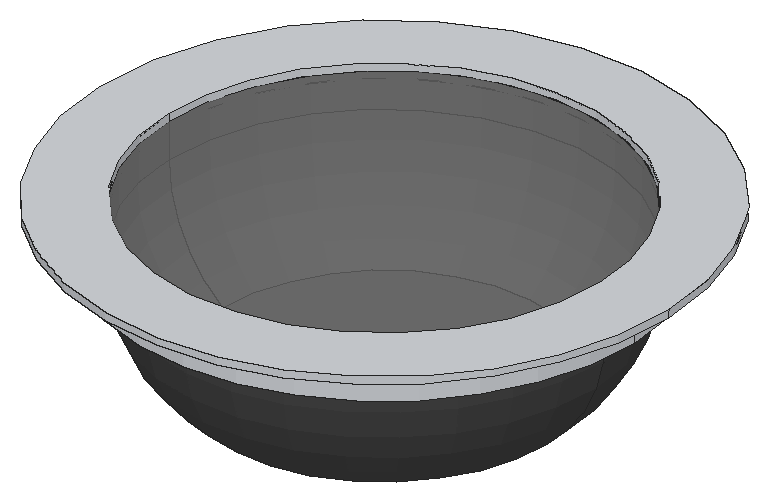
Revit family "3031850 Lighting Fixture_Sylvania_Syl-Lighter II_Ceiling Recessed", category Lighting Fixtures, host Face, Revit 2017
Family settings
  Host = Face
  Round Connector Dimension = Use Diameter
  Part Type = Normal
  OmniClass Number = 23.80.70.11.17
  OmniClass Title = Specialized Lighting by Location or Use
  Cut with Voids When Loaded = No
  Light Source = Yes
  Shared = No
  Room Calculation Point = No
Parameters (values of type "Syl-Lighter LED II 165 RO 12W NW 1-10V")
  Weight = 0.45 kg
  Wattage = 12.0211 W
  built-in parameter 1150110 = 1 (stored number, unit not read)
  Voltage Comments = "UNV (Universal Voltage; 220-240 Volt)"  # constant formula
  Voltage = 240 V  # constant formula
  URL = "http://www.sylvania-lighting.com"
  built-in parameter 1114217 = 1 (stored number, unit not read)
  Tilt Angle = -90.00°  # constant formula
  built-in parameter 1150109 = 1 (stored number, unit not read)
  built-in parameter 1150134 = 12
  Ta Rating = "-10°C to +40°C"  # constant formula
  built-in parameter 1150113 = 1 (stored number, unit not read)
  Recessed Depth = Height  # 45.0 mm
  IP Rating = "IP44"  # constant formula
  IK Rating = "IK07"  # constant formula
  Energy Class = "A++, A+, A"  # constant formula
  Dimmable = "DALI"  # constant formula
  Catalog Number = "3031850 Syl-Lighter LED II 165 RO 14W NW 1-10V"
  Body Material = Metal_Sylvania_Syl-Lighter LED II_Silver
  Product Page URL = "http://www.sylvania-lighting.com/product/en-int/products/3031850"
  Product Family = "SYL-LIGHTER LED II"  # constant formula
  Photometry Comments = ""
  Photometric Web File = "3031850.ies"
  built-in parameter 1150105 = 94.379 (stored number, unit not read)
  Lumens = 1186 lm
  built-in parameter 1150115 = 1 (stored number, unit not read)
  built-in parameter 1150137 = (empty or 0)
  built-in parameter 1150139 = (empty or 0)
  Life = "50 000h"  # constant formula
  built-in parameter 1150112 = 1 (stored number, unit not read)
  built-in parameter 1150114 = 1 (stored number, unit not read)
  Lamp Comments = "Integrated LED"
  built-in parameter 1150132 = 2
  built-in parameter 1150102 = (empty or 0)
  built-in parameter 1150107 = 4000 (stored number, unit not read)
  built-in parameter 1150138 = (empty or 0)
  built-in parameter 1150106 = 0.94379 (stored number, unit not read)
  Glow Wire Test = 650 °C  # constant formula
  Emit from Circle Diameter = Diffuser Diameter  # 125.0 mm
  Emit Shape Visible in Rendering = no
  built-in parameter 1150104 = 9.1658 (stored number, unit not read)
  Drive Current = "300mA"
  Dimming Lamp Color Temperature Shift = <None>
  Diffuser Radius = Diffuser Diameter / 2  # 62.5 mm
  Diffuser Diameter = Diameter - 20.0 mm  # 125.0 mm
  Inner Diameter = Diameter - 4.0 mm  # 141.0 mm
  Cutout Diameter = Diameter  # 145.0 mm
  Color Filter = 16777215
  Beam Angle = 74.00°
  built-in parameter 1114218 = 1 (stored number, unit not read)
  built-in parameter 1150133 = 10 (stored number, unit not read)
  Height = 45.0 mm
  Electrical Protection = "CLASS II"  # constant formula
  built-in parameter 1114216 [instance] = 1 (stored number, unit not read)
  Model = "Syl-Lighter LED II 165 RO 14W NW 1-10V"
  Manufacturer = "Feilo Sylvania"  # constant formula
  Lamp = "LED"
  Diffuser Material = Polycarbonate_Sylvania_Syl-Lighter LED II_Opal
  Description = "Ceiling recessed IP44 LED downlight, perfect where limited ceiling void is available with only 45mm product depth and 145mm cutout. Ideal replacement for 1x26W CFL downlights. The polycarbonate diffuser allows for a wider light distribution and increased spacings between luminiares. Loop in loop out connector allows for quick installation. Die-cast aluminium body, 1186LM, 14W, 85lm/W, 4000K, Driver Current: 300mA, CRI80, 74° beam angle, 1-10V dimmable LED driver, IP44, IK07, 50,000 hrs (L70), (HxW) 45x165mm, 5 step MacAdam ellipse, 0.38kg, RAL9003, Class 2, 220-240V, energy class: A++, A+, A"  # constant formula
  Default Elevation = 0.0 mm
  built-in parameter 1140040 [instance] = 1
  Assembly Code = "D5020200"
  Apparent Load Comments = ""
  Apparent Load = 14 VA
  Accessory Radius = Accessory Diameter / 2  # 82.5 mm
  Accessory Material = Aluminum_Sylvania_Syl-Lighter LED II_White_RAL 9003
  Diameter = 145.0 mm
  Accessory Diameter = 165.0 mm
Reference planes
  plane 1 "Center (Front/Back)": y = 0
  plane 2: z = 0
  plane 3 "Center (Left/Right)": x = 0
  plane 4 "Fixture Bottom": z = 2
  plane 5: z = -10
  plane 6 "Fixture Top": z = -45
  plane 7: z = -2
Forms (mm)
  Extrusion 1, void
    sketch origin (0, 0, 58) x (-1, 0, 0) y (0, -1, 0)
      loop
        circle (0, 0) r 72.5
    from -171 to -55
  Extrusion 2, solid, detail levels fine
    sketch origin (0, 0, 58) x (-1, 0, 0) y (0, -1, 0)
      loop
        circle (0, 0) r 72.5
      loop
        circle (0, 0) r 70.5
    from -68 to -58
  Extrusion 3, solid, detail levels fine
    sketch origin (0, 0, 58) x (-1, 0, 0) y (0, -1, 0)
      loop
        circle (0, 0) r 82.5
      loop
        circle (0, 0) r 62.5
    from -58 to -56
  Extrusion 4, solid, material "Polycarbonate_Sylvania_Syl-Lighter LED II_Opal" <- "Diffuser Material", detail levels fine
    sketch origin (0, 0, 58) x (-1, 0, 0) y (0, -1, 0)
      loop
        circle (0, 0) r 62.5
    from -60 to -58
  Revolve 5, solid, material "Metal_Sylvania_Syl-Lighter LED II_Silver" <- "Body Material", detail levels fine
    sketch origin (0, 0, 0) x (1, 0, 0) y (0, 0, 1)
      loop
        line (-62.5, 0) -> (-64.5, 0) -> (-64.5, -10)
        arc (-64.5, -10) -> (-60.025, -29.455) -> (-47.5, -45) r 44.529
        line (-47.5, -45) -> (0, -45) -> (0, -43) -> (-46.799, -43)
        arc (-46.799, -43) -> (-58.375, -28.272) -> (-62.5, -10) r 42.529
        line (-62.5, -10) -> (-62.5, 0)
      axis (0, -45) -> (0, 0)
    angle from 0 to 360
  Revolve 6, solid, material "Aluminum_Sylvania_Syl-Lighter LED II_White_RAL 9003" <- "Accessory Material", detail levels coarse+medium
    sketch origin (0, 0, 0) x (1, 0, 0) y (0, 0, 1)
      loop
        line (-82.5, 2) -> (-82.5, 0) -> (-75, 0) -> (-75, -10) -> (-67, -10)
        arc (-67, -10) -> (-62.525, -29.455) -> (-50, -45) r 44.529
        line (-50, -45) -> (0, -45) -> (0, 2) -> (-82.5, 2)
      axis (0, 2) -> (0, -45)
    angle from 0 to 360
Cuts and joins
  joined: Extrusion 2, Extrusion 3
Lines and regions (mm)
  Masking region 1
    outline origin (0, 0, 58) x (-1, 0, 0) y (0, -1, 0)
      loop
        circle (0, 0) r 82.5
  symbolic lines, detail levels fine
    curve 1: arc (-62.5, 0, 58) -> (0, 62.5, 58) -> (62.5, 0, 58) r 62.5
    curve 2: arc (62.5, 0, 58) -> (0, -62.5, 58) -> (-62.5, 0, 58) r 62.5
Dimensions and locks
  locked: plane 4 "Fixture Bottom" to plane 2 at 2
  locked: plane 2 to plane 5 at 10
  "Height": plane 2 to plane 6 "Fixture Top"
  locked: plane 2 to plane 7 at 2
  "Diffuser Radius": plane 3 "Center (Left/Right)" to Revolve 5 sketch curve
  locked: Revolve 5 sketch curve to Revolve 5 sketch curve at 2
  locked: Revolve 5 sketch curve to Revolve 5 sketch curve at 15
  "Accessory Radius": plane 3 "Center (Left/Right)" to Revolve 6 sketch curve
  Revolve 6 sketch curve to Revolve 6 sketch curve to Revolve 6 sketch curve to Revolve 6 sketch curve = 7.5 mm locked, 8.0 mm locked, 17.0 mm locked
  "Cutout Diameter": diameter of Extrusion 1 sketch curve
  "Diameter": diameter of Extrusion 2 sketch curve
  "Inner Diameter": diameter of Extrusion 2 sketch curve
  "Accessory Diameter": diameter of Extrusion 3 sketch curve
  "Diffuser Diameter": diameter of Extrusion 3 sketch curve
  "Diffuser Diameter": diameter of Extrusion 4 sketch curve
  "Accessory Diameter": diameter of Masking region 1 sketch curve
  aligned and locked: host face to plane 2
  aligned and locked: host face to level
  aligned and locked: plane 4 "Fixture Bottom" to Extrusion 3
  aligned and locked: Extrusion 3 to plane 2
  aligned and locked: Extrusion 2 to plane 5
  aligned and locked: plane 2 to Extrusion 2
  aligned and locked: Extrusion 4 to plane 7
  aligned and locked: plane 2 to Extrusion 4
  aligned and locked: Revolve 5 sketch curve to plane 2
  aligned and locked: plane 5 to Revolve 5 sketch curve  (x2)
  aligned and locked: Revolve 5 sketch curve to plane 3 "Center (Left/Right)"
  aligned and locked: plane 3 "Center (Left/Right)" to Revolve 5 sketch curve
  aligned and locked: Revolve 6 sketch curve to plane 5
  aligned and locked: Revolve 6 sketch curve to plane 2
  aligned and locked: Revolve 6 sketch curve to plane 4 "Fixture Bottom"
  aligned and locked: plane 3 "Center (Left/Right)" to Revolve 6 sketch curve
  aligned and locked: Revolve 6 sketch curve to plane 3 "Center (Left/Right)"
  aligned and locked: plane 3 "Center (Left/Right)" to imposter light
  aligned and locked: imposter light to plane 1 "Center (Front/Back)"
  aligned and locked: imposter light to plane 4 "Fixture Bottom"
  aligned and locked: curve 1 to cut or joined group of Extrusion 2, Extrusion 3
Automatic sketch dimensions
  host sketch curve to host sketch curve = 700.0 mm
  host sketch curve to host sketch curve = 620.0 mm
  plane 1 "Center (Front/Back)" to Extrusion 1 sketch curve = 0.0 mm
  Extrusion 1 sketch curve to plane 3 "Center (Left/Right)" = 0.0 mm
  Extrusion 2 sketch curve to Extrusion 2 sketch curve = 0.0 mm  (x2)
  plane 1 "Center (Front/Back)" to Extrusion 2 sketch curve = 0.0 mm
  Extrusion 2 sketch curve to plane 3 "Center (Left/Right)" = 0.0 mm
  Extrusion 3 sketch curve to Extrusion 3 sketch curve = 0.0 mm  (x2)
  plane 1 "Center (Front/Back)" to Extrusion 3 sketch curve = 0.0 mm
  Extrusion 3 sketch curve to plane 3 "Center (Left/Right)" = 0.0 mm
  plane 1 "Center (Front/Back)" to Extrusion 4 sketch curve = 0.0 mm
  Extrusion 4 sketch curve to plane 3 "Center (Left/Right)" = 0.0 mm
  Revolve 5 sketch curve to Revolve 5 sketch curve = 0.0 mm
  Revolve 5 sketch curve to plane 6 "Fixture Top" = 0.0 mm
  plane 6 "Fixture Top" to Revolve 5 sketch curve = 2.0 mm
  Revolve 5 sketch curve to Revolve 5 sketch curve = 17.111 mm
  plane 4 "Fixture Bottom" to Revolve 5 sketch curve = 20.889 mm
  Revolve 6 sketch curve to plane 6 "Fixture Top" = 0.0 mm
  Revolve 6 sketch curve to plane 6 "Fixture Top" = 63.885 mm
  Revolve 6 sketch curve to Revolve 6 sketch curve = 84.115 mm
  plane 1 "Center (Front/Back)" to Masking region 1 sketch curve = 0.0 mm
  Masking region 1 sketch curve to plane 3 "Center (Left/Right)" = 0.0 mm
Connectors
  electrical at (0, 0, -45), driven by "Apparent Load", driven by "Voltage"
    settings: on Revolve 5, index 1, voltage 240 V, apparent load 0 VA, apparent load phase1 14 VA, apparent load phase2 0 VA, apparent load phase3 0 VA, power factor 1, load classification "Lighting", number of poles 1, system type 31, power factor state 1, is connector primary yes, connector utility no, sub classification motor no, connector description ""
